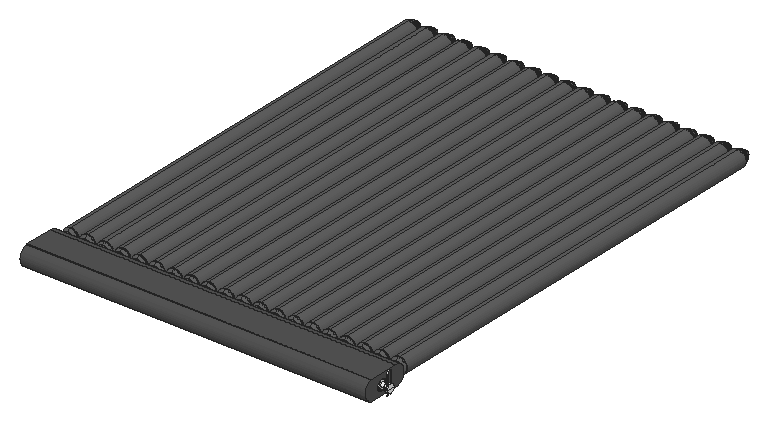
Revit family "HP200-20", category Mechanical Equipment, Revit 2012
Parameters
  Zero Loss Collector Efficiency (%) = 79.2
  Weight (Full, Excluding Mounting Frame) (kg) = 51.2
  URL = "http://www.andrewswaterheaters.co.uk/products_details.php?product=SOLARflo"
  Second Order Heat Loss Coefficient (a2) (W/m2K) = 0.0088
  Model = "HP200-20"
  Minimum Collector Inclination = 20.00°
  Manufacturer = "Andrews Water Heaters"
  Gross Area (m2) = 2.84 m²
  First Order Heat Loss Coefficient (a1) (W/m2K) = 1.25
  Description = "Dry pocket heat pipe evacuate tube solar collector"
  Absorber Area (m2) = 2.01 m²
Reference planes
  plane 1 "Center (Front/Back)": y = 0
  plane 2: z = 0
  plane 3 "Center (Left/Right)": x = 0
Forms (mm)
  Extrusion 1, solid, material "HP200  20 Tubes - Body"
    sketch origin (0, 0, 0) x (0, 1, 0) y (0, 0, 1)
      loop
        line (-46.95, 40.556) -> (-46.95, 39.599)
        arc (-46.95, 39.599) -> (-81.44, -2.723) -> (-41.55, -40) r 39.982
        line (-41.55, -40) -> (75.518, -39.998)
        arc (75.518, -39.998) -> (94.226, -35.351) -> (108.585, -22.491) r 39.982
        line (108.585, -22.491) -> (108.585, 22.458)
        arc (108.585, 22.458) -> (106.812, 24.868) -> (104.864, 27.138) r 39.982
        line (104.864, 27.138) -> (104.864, 28.014)
        arc (104.864, 28.014) -> (91.882, 37.12) -> (76.403, 40.555) r 40.582
        line (76.403, 40.555) -> (-46.95, 40.556)
    from -707.5 to 707.5
  Revolve 2, solid, material "HP200  20 Tubes - Tube"
    sketch origin (35.45, 0, 0) x (0, 1, 0) y (0, 0, 1)
      loop
        line (115.683, 20.5) -> (108.639, 20.5) -> (108.639, 0) -> (1908.944, 0) -> (1908.944, 10.763)
        arc (1908.944, 10.763) -> (1908.592, 12.252) -> (1907.554, 13.376) r 3.011
        arc (1907.554, 13.376) -> (1906.942, 13.819) -> (1906.264, 14.152) r 4.442
        arc (1906.264, 14.152) -> (1899.161, 17.289) -> (1892.37, 21.054) r 86.02
        arc (1892.37, 21.054) -> (1891.184, 22.319) -> (1890.918, 24.033) r 2.938
        arc (1890.918, 24.033) -> (1888.14, 25.194) -> (1885.607, 23.569) r 3.24
        arc (1885.607, 23.569) -> (1884.8, 24.633) -> (1883.736, 25.439) r 4.886
        line (1883.736, 25.439) -> (1872.394, 31.803)
        arc (1872.394, 31.803) -> (1871.229, 32.322) -> (1869.966, 32.5) r 4.583
        line (1869.966, 32.5) -> (135.402, 32.5)
        arc (135.402, 32.5) -> (133.792, 32.279) -> (132.288, 31.665) r 6.498
        line (132.288, 31.665) -> (118.926, 24.147)
        arc (118.926, 24.147) -> (117.088, 22.516) -> (115.683, 20.5) r 10.445
      axis (108.639, 0) -> (1908.944, 0)
    angle from 0 to 360
  Extrusion 3, void
    sketch origin (35.45, 0, 0) x (1, 0, 0) y (0, 0, 1)
      loop
        arc (20.825, 13.977) -> (15.02, 0) -> (20.825, -13.977) r 19.727
        line (20.825, -13.977) -> (20.825, 13.977)
      loop
        line (-20.825, 13.977) -> (-20.825, -13.977)
        arc (-20.825, -13.977) -> (-15.02, 0) -> (-20.825, 13.977) r 19.727
      loop
        arc (-13.977, 20.825) -> (0, 15.02) -> (13.977, 20.825) r 19.727
        line (13.977, 20.825) -> (-13.977, 20.825)
      loop
        line (-13.977, -20.825) -> (13.977, -20.825)
        arc (13.977, -20.825) -> (0, -15.02) -> (-13.977, -20.825) r 19.727
    from -1906.632 to -1892.864
  Revolve 4, solid, material "HP200  20 Tubes - Steel"
    sketch origin (0, 16, 0) x (1, 0, 0) y (0, 1, 0)
      loop
        arc (707.5, -37) -> (709.621, -36.121) -> (710.5, -34) r 3
        line (710.5, -34) -> (710.5, -27.787) -> (728.417, -27.787) -> (732.5, -30.864) -> (746.5, -30.864) -> (746.5, -16) -> (707.5, -16) -> (707.5, -37)
      axis (707.5, -16) -> (746.5, -16)
    angle from 0 to 360
  Sweep 5, solid, material "HP200  20 Tubes - Steel"
    path origin (740, 0, 0) x (0, 1, 0) y (0, 0, 1)
      loop
        line (-9.363, -24.998) -> (-7.872, -21.537)
        arc (-7.872, -21.537) -> (-7.587, -20.278) -> (-7.771, -19) r 3.54
        line (-7.771, -19) -> (-12.67, -4.557)
        arc (-12.67, -4.557) -> (-13.121, 2.718) -> (-9.833, 9.223) r 13.914
        arc (-9.833, 9.223) -> (-9.209, 10.241) -> (-8.991, 11.416) r 3.278
        line (-8.991, 11.416) -> (-8.991, 16.208)
        arc (-8.991, 16.208) -> (-8.908, 16.841) -> (-8.565, 17.379) r 1.474
        line (-8.565, 17.379) -> (-7.999, 17.944)
        arc (-7.999, 17.944) -> (-7.575, 18.97) -> (-7.999, 19.995) r 1.45
        line (-7.999, 19.995) -> (-8.563, 20.559)
        arc (-8.563, 20.559) -> (-8.88, 21.047) -> (-8.991, 21.619) r 1.527
        line (-8.991, 21.619) -> (-8.991, 56.985)
        arc (-8.991, 56.985) -> (0, 65.976) -> (8.991, 56.985) r 8.991
        line (8.991, 56.985) -> (8.991, 21.619)
        arc (8.991, 21.619) -> (8.88, 21.047) -> (8.563, 20.559) r 1.527
        line (8.563, 20.559) -> (7.999, 19.995)
        arc (7.999, 19.995) -> (7.575, 18.97) -> (7.999, 17.944) r 1.45
        line (7.999, 17.944) -> (8.565, 17.379)
        arc (8.565, 17.379) -> (8.908, 16.841) -> (8.991, 16.208) r 1.474
        line (8.991, 16.208) -> (8.991, 11.416)
        arc (8.991, 11.416) -> (9.209, 10.241) -> (9.833, 9.223) r 3.278
        arc (9.833, 9.223) -> (13.121, 2.718) -> (12.67, -4.557) r 13.914
        line (12.67, -4.557) -> (7.771, -19)
        arc (7.771, -19) -> (7.587, -20.278) -> (7.872, -21.537) r 3.54
        line (7.872, -21.537) -> (9.363, -24.998)
    profile origin (740, 8.991, 39.302) x (1, 0, 0) y (0, 1, 0)
      loop
        circle (0, 0) r 1
  Extrusion 6, void
    sketch origin (0, 0, 0) x (1, 0, 0) y (0, 1, 0)
      loop
        line (739, 7.991) -> (741, 7.991) -> (741, 16.792) -> (739, 16.792) -> (739, 7.991)
      loop
        line (739, -7.991) -> (739, -16.792) -> (741, -16.792) -> (741, -7.991) -> (739, -7.991)
    from -14.189 to 14.28
  Extrusion 7, solid, material "HP200  20 Tubes - Body"
    sketch origin (1.5, 0, 0) x (0, 1, 0) y (0, 0, -1)
      loop
        circle (75.7, 0) r 17.5
    from 707.5 to 709.322
  Revolve 8, solid, material "HP200  20 Tubes - Steel"
    sketch origin (0, 16, 0) x (-1, 0, 0) y (0, -1, 0)
      loop
        line (707.5, 37) -> (707.5, 16) -> (710.5, 16) -> (710.5, 34)
        arc (710.5, 34) -> (709.621, 36.121) -> (707.5, 37) r 3
      axis (707.5, 16) -> (710.5, 16)
    angle from 0 to 360
  Revolve 9, solid, material "HP200  20 Tubes - Tube"
    sketch origin (-35.45, 0, 0) x (0, 1, 0) y (0, 0, 1)
      loop
        line (115.683, 20.5) -> (108.639, 20.5) -> (108.639, 0) -> (1908.944, 0) -> (1908.944, 10.763)
        arc (1908.944, 10.763) -> (1908.592, 12.252) -> (1907.554, 13.376) r 3.011
        arc (1907.554, 13.376) -> (1906.942, 13.819) -> (1906.264, 14.152) r 4.442
        arc (1906.264, 14.152) -> (1899.161, 17.289) -> (1892.37, 21.054) r 86.02
        arc (1892.37, 21.054) -> (1891.184, 22.319) -> (1890.918, 24.033) r 2.938
        arc (1890.918, 24.033) -> (1888.14, 25.194) -> (1885.607, 23.569) r 3.24
        arc (1885.607, 23.569) -> (1884.8, 24.633) -> (1883.736, 25.439) r 4.886
        line (1883.736, 25.439) -> (1872.394, 31.803)
        arc (1872.394, 31.803) -> (1871.229, 32.322) -> (1869.966, 32.5) r 4.583
        line (1869.966, 32.5) -> (135.402, 32.5)
        arc (135.402, 32.5) -> (133.792, 32.279) -> (132.288, 31.665) r 6.498
        line (132.288, 31.665) -> (118.926, 24.147)
        arc (118.926, 24.147) -> (117.088, 22.516) -> (115.683, 20.5) r 10.445
      axis (108.639, 0) -> (1908.944, 0)
    angle from 0 to 360
  Extrusion 10, void
    sketch origin (-35.45, 0, 0) x (1, 0, 0) y (0, 0, 1)
      loop
        arc (20.825, 13.977) -> (15.02, 0) -> (20.825, -13.977) r 19.727
        line (20.825, -13.977) -> (20.825, 13.977)
      loop
        line (-20.825, 13.977) -> (-20.825, -13.977)
        arc (-20.825, -13.977) -> (-15.02, 0) -> (-20.825, 13.977) r 19.727
      loop
        arc (-13.977, 20.825) -> (0, 15.02) -> (13.977, 20.825) r 19.727
        line (13.977, 20.825) -> (-13.977, 20.825)
      loop
        line (-13.977, -20.825) -> (13.977, -20.825)
        arc (13.977, -20.825) -> (0, -15.02) -> (-13.977, -20.825) r 19.727
    from -1906.632 to -1892.864
  Revolve 11, solid, material "HP200  20 Tubes - Tube"
    sketch origin (-106.35, 0, 0) x (0, 1, 0) y (0, 0, 1)
      loop
        line (115.683, 20.5) -> (108.639, 20.5) -> (108.639, 0) -> (1908.944, 0) -> (1908.944, 10.763)
        arc (1908.944, 10.763) -> (1908.592, 12.252) -> (1907.554, 13.376) r 3.011
        arc (1907.554, 13.376) -> (1906.942, 13.819) -> (1906.264, 14.152) r 4.442
        arc (1906.264, 14.152) -> (1899.161, 17.289) -> (1892.37, 21.054) r 86.02
        arc (1892.37, 21.054) -> (1891.184, 22.319) -> (1890.918, 24.033) r 2.938
        arc (1890.918, 24.033) -> (1888.14, 25.194) -> (1885.607, 23.569) r 3.24
        arc (1885.607, 23.569) -> (1884.8, 24.633) -> (1883.736, 25.439) r 4.886
        line (1883.736, 25.439) -> (1872.394, 31.803)
        arc (1872.394, 31.803) -> (1871.229, 32.322) -> (1869.966, 32.5) r 4.583
        line (1869.966, 32.5) -> (135.402, 32.5)
        arc (135.402, 32.5) -> (133.792, 32.279) -> (132.288, 31.665) r 6.498
        line (132.288, 31.665) -> (118.926, 24.147)
        arc (118.926, 24.147) -> (117.088, 22.516) -> (115.683, 20.5) r 10.445
      axis (108.639, 0) -> (1908.944, 0)
    angle from 0 to 360
  Extrusion 12, void
    sketch origin (-106.35, 0, 0) x (1, 0, 0) y (0, 0, 1)
      loop
        arc (20.825, 13.977) -> (15.02, 0) -> (20.825, -13.977) r 19.727
        line (20.825, -13.977) -> (20.825, 13.977)
      loop
        line (-20.825, 13.977) -> (-20.825, -13.977)
        arc (-20.825, -13.977) -> (-15.02, 0) -> (-20.825, 13.977) r 19.727
      loop
        arc (-13.977, 20.825) -> (0, 15.02) -> (13.977, 20.825) r 19.727
        line (13.977, 20.825) -> (-13.977, 20.825)
      loop
        line (-13.977, -20.825) -> (13.977, -20.825)
        arc (13.977, -20.825) -> (0, -15.02) -> (-13.977, -20.825) r 19.727
    from -1906.632 to -1892.864
  Revolve 13, solid, material "HP200  20 Tubes - Tube"
    sketch origin (-177.25, 0, 0) x (0, 1, 0) y (0, 0, 1)
      loop
        line (115.683, 20.5) -> (108.639, 20.5) -> (108.639, 0) -> (1908.944, 0) -> (1908.944, 10.763)
        arc (1908.944, 10.763) -> (1908.592, 12.252) -> (1907.554, 13.376) r 3.011
        arc (1907.554, 13.376) -> (1906.942, 13.819) -> (1906.264, 14.152) r 4.442
        arc (1906.264, 14.152) -> (1899.161, 17.289) -> (1892.37, 21.054) r 86.02
        arc (1892.37, 21.054) -> (1891.184, 22.319) -> (1890.918, 24.033) r 2.938
        arc (1890.918, 24.033) -> (1888.14, 25.194) -> (1885.607, 23.569) r 3.24
        arc (1885.607, 23.569) -> (1884.8, 24.633) -> (1883.736, 25.439) r 4.886
        line (1883.736, 25.439) -> (1872.394, 31.803)
        arc (1872.394, 31.803) -> (1871.229, 32.322) -> (1869.966, 32.5) r 4.583
        line (1869.966, 32.5) -> (135.402, 32.5)
        arc (135.402, 32.5) -> (133.792, 32.279) -> (132.288, 31.665) r 6.498
        line (132.288, 31.665) -> (118.926, 24.147)
        arc (118.926, 24.147) -> (117.088, 22.516) -> (115.683, 20.5) r 10.445
      axis (108.639, 0) -> (1908.944, 0)
    angle from 0 to 360
  Extrusion 14, void
    sketch origin (-177.25, 0, 0) x (1, 0, 0) y (0, 0, 1)
      loop
        arc (20.825, 13.977) -> (15.02, 0) -> (20.825, -13.977) r 19.727
        line (20.825, -13.977) -> (20.825, 13.977)
      loop
        line (-20.825, 13.977) -> (-20.825, -13.977)
        arc (-20.825, -13.977) -> (-15.02, 0) -> (-20.825, 13.977) r 19.727
      loop
        arc (-13.977, 20.825) -> (0, 15.02) -> (13.977, 20.825) r 19.727
        line (13.977, 20.825) -> (-13.977, 20.825)
      loop
        line (-13.977, -20.825) -> (13.977, -20.825)
        arc (13.977, -20.825) -> (0, -15.02) -> (-13.977, -20.825) r 19.727
    from -1906.632 to -1892.864
  Revolve 15, solid, material "HP200  20 Tubes - Tube"
    sketch origin (-248.15, 0, 0) x (0, 1, 0) y (0, 0, 1)
      loop
        line (115.683, 20.5) -> (108.639, 20.5) -> (108.639, 0) -> (1908.944, 0) -> (1908.944, 10.763)
        arc (1908.944, 10.763) -> (1908.592, 12.252) -> (1907.554, 13.376) r 3.011
        arc (1907.554, 13.376) -> (1906.942, 13.819) -> (1906.264, 14.152) r 4.442
        arc (1906.264, 14.152) -> (1899.161, 17.289) -> (1892.37, 21.054) r 86.02
        arc (1892.37, 21.054) -> (1891.184, 22.319) -> (1890.918, 24.033) r 2.938
        arc (1890.918, 24.033) -> (1888.14, 25.194) -> (1885.607, 23.569) r 3.24
        arc (1885.607, 23.569) -> (1884.8, 24.633) -> (1883.736, 25.439) r 4.886
        line (1883.736, 25.439) -> (1872.394, 31.803)
        arc (1872.394, 31.803) -> (1871.229, 32.322) -> (1869.966, 32.5) r 4.583
        line (1869.966, 32.5) -> (135.402, 32.5)
        arc (135.402, 32.5) -> (133.792, 32.279) -> (132.288, 31.665) r 6.498
        line (132.288, 31.665) -> (118.926, 24.147)
        arc (118.926, 24.147) -> (117.088, 22.516) -> (115.683, 20.5) r 10.445
      axis (108.639, 0) -> (1908.944, 0)
    angle from 0 to 360
  Extrusion 16, void
    sketch origin (-248.15, 0, 0) x (1, 0, 0) y (0, 0, 1)
      loop
        arc (20.825, 13.977) -> (15.02, 0) -> (20.825, -13.977) r 19.727
        line (20.825, -13.977) -> (20.825, 13.977)
      loop
        line (-20.825, 13.977) -> (-20.825, -13.977)
        arc (-20.825, -13.977) -> (-15.02, 0) -> (-20.825, 13.977) r 19.727
      loop
        arc (-13.977, 20.825) -> (0, 15.02) -> (13.977, 20.825) r 19.727
        line (13.977, 20.825) -> (-13.977, 20.825)
      loop
        line (-13.977, -20.825) -> (13.977, -20.825)
        arc (13.977, -20.825) -> (0, -15.02) -> (-13.977, -20.825) r 19.727
    from -1906.632 to -1892.864
  Revolve 17, solid, material "HP200  20 Tubes - Tube"
    sketch origin (-319.05, 0, 0) x (0, 1, 0) y (0, 0, 1)
      loop
        line (115.683, 20.5) -> (108.639, 20.5) -> (108.639, 0) -> (1908.944, 0) -> (1908.944, 10.763)
        arc (1908.944, 10.763) -> (1908.592, 12.252) -> (1907.554, 13.376) r 3.011
        arc (1907.554, 13.376) -> (1906.942, 13.819) -> (1906.264, 14.152) r 4.442
        arc (1906.264, 14.152) -> (1899.161, 17.289) -> (1892.37, 21.054) r 86.02
        arc (1892.37, 21.054) -> (1891.184, 22.319) -> (1890.918, 24.033) r 2.938
        arc (1890.918, 24.033) -> (1888.14, 25.194) -> (1885.607, 23.569) r 3.24
        arc (1885.607, 23.569) -> (1884.8, 24.633) -> (1883.736, 25.439) r 4.886
        line (1883.736, 25.439) -> (1872.394, 31.803)
        arc (1872.394, 31.803) -> (1871.229, 32.322) -> (1869.966, 32.5) r 4.583
        line (1869.966, 32.5) -> (135.402, 32.5)
        arc (135.402, 32.5) -> (133.792, 32.279) -> (132.288, 31.665) r 6.498
        line (132.288, 31.665) -> (118.926, 24.147)
        arc (118.926, 24.147) -> (117.088, 22.516) -> (115.683, 20.5) r 10.445
      axis (108.639, 0) -> (1908.944, 0)
    angle from 0 to 360
  Extrusion 18, void
    sketch origin (-319.05, 0, 0) x (1, 0, 0) y (0, 0, 1)
      loop
        arc (20.825, 13.977) -> (15.02, 0) -> (20.825, -13.977) r 19.727
        line (20.825, -13.977) -> (20.825, 13.977)
      loop
        line (-20.825, 13.977) -> (-20.825, -13.977)
        arc (-20.825, -13.977) -> (-15.02, 0) -> (-20.825, 13.977) r 19.727
      loop
        arc (-13.977, 20.825) -> (0, 15.02) -> (13.977, 20.825) r 19.727
        line (13.977, 20.825) -> (-13.977, 20.825)
      loop
        line (-13.977, -20.825) -> (13.977, -20.825)
        arc (13.977, -20.825) -> (0, -15.02) -> (-13.977, -20.825) r 19.727
    from -1906.632 to -1892.864
  Revolve 19, solid, material "HP200  20 Tubes - Tube"
    sketch origin (-389.95, 0, 0) x (0, 1, 0) y (0, 0, 1)
      loop
        line (115.683, 20.5) -> (108.639, 20.5) -> (108.639, 0) -> (1908.944, 0) -> (1908.944, 10.763)
        arc (1908.944, 10.763) -> (1908.592, 12.252) -> (1907.554, 13.376) r 3.011
        arc (1907.554, 13.376) -> (1906.942, 13.819) -> (1906.264, 14.152) r 4.442
        arc (1906.264, 14.152) -> (1899.161, 17.289) -> (1892.37, 21.054) r 86.02
        arc (1892.37, 21.054) -> (1891.184, 22.319) -> (1890.918, 24.033) r 2.938
        arc (1890.918, 24.033) -> (1888.14, 25.194) -> (1885.607, 23.569) r 3.24
        arc (1885.607, 23.569) -> (1884.8, 24.633) -> (1883.736, 25.439) r 4.886
        line (1883.736, 25.439) -> (1872.394, 31.803)
        arc (1872.394, 31.803) -> (1871.229, 32.322) -> (1869.966, 32.5) r 4.583
        line (1869.966, 32.5) -> (135.402, 32.5)
        arc (135.402, 32.5) -> (133.792, 32.279) -> (132.288, 31.665) r 6.498
        line (132.288, 31.665) -> (118.926, 24.147)
        arc (118.926, 24.147) -> (117.088, 22.516) -> (115.683, 20.5) r 10.445
      axis (108.639, 0) -> (1908.944, 0)
    angle from 0 to 360
  Extrusion 20, void
    sketch origin (-389.95, 0, 0) x (1, 0, 0) y (0, 0, 1)
      loop
        arc (20.825, 13.977) -> (15.02, 0) -> (20.825, -13.977) r 19.727
        line (20.825, -13.977) -> (20.825, 13.977)
      loop
        line (-20.825, 13.977) -> (-20.825, -13.977)
        arc (-20.825, -13.977) -> (-15.02, 0) -> (-20.825, 13.977) r 19.727
      loop
        arc (-13.977, 20.825) -> (0, 15.02) -> (13.977, 20.825) r 19.727
        line (13.977, 20.825) -> (-13.977, 20.825)
      loop
        line (-13.977, -20.825) -> (13.977, -20.825)
        arc (13.977, -20.825) -> (0, -15.02) -> (-13.977, -20.825) r 19.727
    from -1906.632 to -1892.864
  Revolve 21, solid, material "HP200  20 Tubes - Tube"
    sketch origin (-460.85, 0, 0) x (0, 1, 0) y (0, 0, 1)
      loop
        line (115.683, 20.5) -> (108.639, 20.5) -> (108.639, 0) -> (1908.944, 0) -> (1908.944, 10.763)
        arc (1908.944, 10.763) -> (1908.592, 12.252) -> (1907.554, 13.376) r 3.011
        arc (1907.554, 13.376) -> (1906.942, 13.819) -> (1906.264, 14.152) r 4.442
        arc (1906.264, 14.152) -> (1899.161, 17.289) -> (1892.37, 21.054) r 86.02
        arc (1892.37, 21.054) -> (1891.184, 22.319) -> (1890.918, 24.033) r 2.938
        arc (1890.918, 24.033) -> (1888.14, 25.194) -> (1885.607, 23.569) r 3.24
        arc (1885.607, 23.569) -> (1884.8, 24.633) -> (1883.736, 25.439) r 4.886
        line (1883.736, 25.439) -> (1872.394, 31.803)
        arc (1872.394, 31.803) -> (1871.229, 32.322) -> (1869.966, 32.5) r 4.583
        line (1869.966, 32.5) -> (135.402, 32.5)
        arc (135.402, 32.5) -> (133.792, 32.279) -> (132.288, 31.665) r 6.498
        line (132.288, 31.665) -> (118.926, 24.147)
        arc (118.926, 24.147) -> (117.088, 22.516) -> (115.683, 20.5) r 10.445
      axis (108.639, 0) -> (1908.944, 0)
    angle from 0 to 360
  Extrusion 22, void
    sketch origin (-460.85, 0, 0) x (1, 0, 0) y (0, 0, 1)
      loop
        arc (20.825, 13.977) -> (15.02, 0) -> (20.825, -13.977) r 19.727
        line (20.825, -13.977) -> (20.825, 13.977)
      loop
        line (-20.825, 13.977) -> (-20.825, -13.977)
        arc (-20.825, -13.977) -> (-15.02, 0) -> (-20.825, 13.977) r 19.727
      loop
        arc (-13.977, 20.825) -> (0, 15.02) -> (13.977, 20.825) r 19.727
        line (13.977, 20.825) -> (-13.977, 20.825)
      loop
        line (-13.977, -20.825) -> (13.977, -20.825)
        arc (13.977, -20.825) -> (0, -15.02) -> (-13.977, -20.825) r 19.727
    from -1906.632 to -1892.864
  Revolve 23, solid, material "HP200  20 Tubes - Tube"
    sketch origin (-531.75, 0, 0) x (0, 1, 0) y (0, 0, 1)
      loop
        line (115.683, 20.5) -> (108.639, 20.5) -> (108.639, 0) -> (1908.944, 0) -> (1908.944, 10.763)
        arc (1908.944, 10.763) -> (1908.592, 12.252) -> (1907.554, 13.376) r 3.011
        arc (1907.554, 13.376) -> (1906.942, 13.819) -> (1906.264, 14.152) r 4.442
        arc (1906.264, 14.152) -> (1899.161, 17.289) -> (1892.37, 21.054) r 86.02
        arc (1892.37, 21.054) -> (1891.184, 22.319) -> (1890.918, 24.033) r 2.938
        arc (1890.918, 24.033) -> (1888.14, 25.194) -> (1885.607, 23.569) r 3.24
        arc (1885.607, 23.569) -> (1884.8, 24.633) -> (1883.736, 25.439) r 4.886
        line (1883.736, 25.439) -> (1872.394, 31.803)
        arc (1872.394, 31.803) -> (1871.229, 32.322) -> (1869.966, 32.5) r 4.583
        line (1869.966, 32.5) -> (135.402, 32.5)
        arc (135.402, 32.5) -> (133.792, 32.279) -> (132.288, 31.665) r 6.498
        line (132.288, 31.665) -> (118.926, 24.147)
        arc (118.926, 24.147) -> (117.088, 22.516) -> (115.683, 20.5) r 10.445
      axis (108.639, 0) -> (1908.944, 0)
    angle from 0 to 360
  Extrusion 24, void
    sketch origin (-531.75, 0, 0) x (1, 0, 0) y (0, 0, 1)
      loop
        arc (20.825, 13.977) -> (15.02, 0) -> (20.825, -13.977) r 19.727
        line (20.825, -13.977) -> (20.825, 13.977)
      loop
        line (-20.825, 13.977) -> (-20.825, -13.977)
        arc (-20.825, -13.977) -> (-15.02, 0) -> (-20.825, 13.977) r 19.727
      loop
        arc (-13.977, 20.825) -> (0, 15.02) -> (13.977, 20.825) r 19.727
        line (13.977, 20.825) -> (-13.977, 20.825)
      loop
        line (-13.977, -20.825) -> (13.977, -20.825)
        arc (13.977, -20.825) -> (0, -15.02) -> (-13.977, -20.825) r 19.727
    from -1906.632 to -1892.864
  Revolve 25, solid, material "HP200  20 Tubes - Tube"
    sketch origin (-602.65, 0, 0) x (0, 1, 0) y (0, 0, 1)
      loop
        line (115.683, 20.5) -> (108.639, 20.5) -> (108.639, 0) -> (1908.944, 0) -> (1908.944, 10.763)
        arc (1908.944, 10.763) -> (1908.592, 12.252) -> (1907.554, 13.376) r 3.011
        arc (1907.554, 13.376) -> (1906.942, 13.819) -> (1906.264, 14.152) r 4.442
        arc (1906.264, 14.152) -> (1899.161, 17.289) -> (1892.37, 21.054) r 86.02
        arc (1892.37, 21.054) -> (1891.184, 22.319) -> (1890.918, 24.033) r 2.938
        arc (1890.918, 24.033) -> (1888.14, 25.194) -> (1885.607, 23.569) r 3.24
        arc (1885.607, 23.569) -> (1884.8, 24.633) -> (1883.736, 25.439) r 4.886
        line (1883.736, 25.439) -> (1872.394, 31.803)
        arc (1872.394, 31.803) -> (1871.229, 32.322) -> (1869.966, 32.5) r 4.583
        line (1869.966, 32.5) -> (135.402, 32.5)
        arc (135.402, 32.5) -> (133.792, 32.279) -> (132.288, 31.665) r 6.498
        line (132.288, 31.665) -> (118.926, 24.147)
        arc (118.926, 24.147) -> (117.088, 22.516) -> (115.683, 20.5) r 10.445
      axis (108.639, 0) -> (1908.944, 0)
    angle from 0 to 360
  Extrusion 26, void
    sketch origin (-602.65, 0, 0) x (1, 0, 0) y (0, 0, 1)
      loop
        arc (20.825, 13.977) -> (15.02, 0) -> (20.825, -13.977) r 19.727
        line (20.825, -13.977) -> (20.825, 13.977)
      loop
        line (-20.825, 13.977) -> (-20.825, -13.977)
        arc (-20.825, -13.977) -> (-15.02, 0) -> (-20.825, 13.977) r 19.727
      loop
        arc (-13.977, 20.825) -> (0, 15.02) -> (13.977, 20.825) r 19.727
        line (13.977, 20.825) -> (-13.977, 20.825)
      loop
        line (-13.977, -20.825) -> (13.977, -20.825)
        arc (13.977, -20.825) -> (0, -15.02) -> (-13.977, -20.825) r 19.727
    from -1906.632 to -1892.864
  Revolve 27, solid, material "HP200  20 Tubes - Tube"
    sketch origin (-673.55, 0, 0) x (0, 1, 0) y (0, 0, 1)
      loop
        line (115.683, 20.5) -> (108.639, 20.5) -> (108.639, 0) -> (1908.944, 0) -> (1908.944, 10.763)
        arc (1908.944, 10.763) -> (1908.592, 12.252) -> (1907.554, 13.376) r 3.011
        arc (1907.554, 13.376) -> (1906.942, 13.819) -> (1906.264, 14.152) r 4.442
        arc (1906.264, 14.152) -> (1899.161, 17.289) -> (1892.37, 21.054) r 86.02
        arc (1892.37, 21.054) -> (1891.184, 22.319) -> (1890.918, 24.033) r 2.938
        arc (1890.918, 24.033) -> (1888.14, 25.194) -> (1885.607, 23.569) r 3.24
        arc (1885.607, 23.569) -> (1884.8, 24.633) -> (1883.736, 25.439) r 4.886
        line (1883.736, 25.439) -> (1872.394, 31.803)
        arc (1872.394, 31.803) -> (1871.229, 32.322) -> (1869.966, 32.5) r 4.583
        line (1869.966, 32.5) -> (135.402, 32.5)
        arc (135.402, 32.5) -> (133.792, 32.279) -> (132.288, 31.665) r 6.498
        line (132.288, 31.665) -> (118.926, 24.147)
        arc (118.926, 24.147) -> (117.088, 22.516) -> (115.683, 20.5) r 10.445
      axis (108.639, 0) -> (1908.944, 0)
    angle from 0 to 360
  Extrusion 28, void
    sketch origin (-673.55, 0, 0) x (1, 0, 0) y (0, 0, 1)
      loop
        arc (20.825, 13.977) -> (15.02, 0) -> (20.825, -13.977) r 19.727
        line (20.825, -13.977) -> (20.825, 13.977)
      loop
        line (-20.825, 13.977) -> (-20.825, -13.977)
        arc (-20.825, -13.977) -> (-15.02, 0) -> (-20.825, 13.977) r 19.727
      loop
        arc (-13.977, 20.825) -> (0, 15.02) -> (13.977, 20.825) r 19.727
        line (13.977, 20.825) -> (-13.977, 20.825)
      loop
        line (-13.977, -20.825) -> (13.977, -20.825)
        arc (13.977, -20.825) -> (0, -15.02) -> (-13.977, -20.825) r 19.727
    from -1906.632 to -1892.864
  Revolve 29, solid, material "HP200  20 Tubes - Tube"
    sketch origin (673.55, 0, 0) x (0, 1, 0) y (0, 0, 1)
      loop
        line (115.683, 20.5) -> (108.639, 20.5) -> (108.639, 0) -> (1908.944, 0) -> (1908.944, 10.763)
        arc (1908.944, 10.763) -> (1908.592, 12.252) -> (1907.554, 13.376) r 3.011
        arc (1907.554, 13.376) -> (1906.942, 13.819) -> (1906.264, 14.152) r 4.442
        arc (1906.264, 14.152) -> (1899.161, 17.289) -> (1892.37, 21.054) r 86.02
        arc (1892.37, 21.054) -> (1891.184, 22.319) -> (1890.918, 24.033) r 2.938
        arc (1890.918, 24.033) -> (1888.14, 25.194) -> (1885.607, 23.569) r 3.24
        arc (1885.607, 23.569) -> (1884.8, 24.633) -> (1883.736, 25.439) r 4.886
        line (1883.736, 25.439) -> (1872.394, 31.803)
        arc (1872.394, 31.803) -> (1871.229, 32.322) -> (1869.966, 32.5) r 4.583
        line (1869.966, 32.5) -> (135.402, 32.5)
        arc (135.402, 32.5) -> (133.792, 32.279) -> (132.288, 31.665) r 6.498
        line (132.288, 31.665) -> (118.926, 24.147)
        arc (118.926, 24.147) -> (117.088, 22.516) -> (115.683, 20.5) r 10.445
      axis (108.639, 0) -> (1908.944, 0)
    angle from 0 to 360
  Extrusion 30, void
    sketch origin (673.55, 0, 0) x (1, 0, 0) y (0, 0, 1)
      loop
        arc (20.825, 13.977) -> (15.02, 0) -> (20.825, -13.977) r 19.727
        line (20.825, -13.977) -> (20.825, 13.977)
      loop
        line (-20.825, 13.977) -> (-20.825, -13.977)
        arc (-20.825, -13.977) -> (-15.02, 0) -> (-20.825, 13.977) r 19.727
      loop
        arc (-13.977, 20.825) -> (0, 15.02) -> (13.977, 20.825) r 19.727
        line (13.977, 20.825) -> (-13.977, 20.825)
      loop
        line (-13.977, -20.825) -> (13.977, -20.825)
        arc (13.977, -20.825) -> (0, -15.02) -> (-13.977, -20.825) r 19.727
    from -1906.632 to -1892.864
  Revolve 31, solid, material "HP200  20 Tubes - Tube"
    sketch origin (602.65, 0, 0) x (0, 1, 0) y (0, 0, 1)
      loop
        line (115.683, 20.5) -> (108.639, 20.5) -> (108.639, 0) -> (1908.944, 0) -> (1908.944, 10.763)
        arc (1908.944, 10.763) -> (1908.592, 12.252) -> (1907.554, 13.376) r 3.011
        arc (1907.554, 13.376) -> (1906.942, 13.819) -> (1906.264, 14.152) r 4.442
        arc (1906.264, 14.152) -> (1899.161, 17.289) -> (1892.37, 21.054) r 86.02
        arc (1892.37, 21.054) -> (1891.184, 22.319) -> (1890.918, 24.033) r 2.938
        arc (1890.918, 24.033) -> (1888.14, 25.194) -> (1885.607, 23.569) r 3.24
        arc (1885.607, 23.569) -> (1884.8, 24.633) -> (1883.736, 25.439) r 4.886
        line (1883.736, 25.439) -> (1872.394, 31.803)
        arc (1872.394, 31.803) -> (1871.229, 32.322) -> (1869.966, 32.5) r 4.583
        line (1869.966, 32.5) -> (135.402, 32.5)
        arc (135.402, 32.5) -> (133.792, 32.279) -> (132.288, 31.665) r 6.498
        line (132.288, 31.665) -> (118.926, 24.147)
        arc (118.926, 24.147) -> (117.088, 22.516) -> (115.683, 20.5) r 10.445
      axis (108.639, 0) -> (1908.944, 0)
    angle from 0 to 360
  Extrusion 32, void
    sketch origin (602.65, 0, 0) x (1, 0, 0) y (0, 0, 1)
      loop
        arc (20.825, 13.977) -> (15.02, 0) -> (20.825, -13.977) r 19.727
        line (20.825, -13.977) -> (20.825, 13.977)
      loop
        line (-20.825, 13.977) -> (-20.825, -13.977)
        arc (-20.825, -13.977) -> (-15.02, 0) -> (-20.825, 13.977) r 19.727
      loop
        arc (-13.977, 20.825) -> (0, 15.02) -> (13.977, 20.825) r 19.727
        line (13.977, 20.825) -> (-13.977, 20.825)
      loop
        line (-13.977, -20.825) -> (13.977, -20.825)
        arc (13.977, -20.825) -> (0, -15.02) -> (-13.977, -20.825) r 19.727
    from -1906.632 to -1892.864
  Revolve 33, solid, material "HP200  20 Tubes - Tube"
    sketch origin (531.75, 0, 0) x (0, 1, 0) y (0, 0, 1)
      loop
        line (115.683, 20.5) -> (108.639, 20.5) -> (108.639, 0) -> (1908.944, 0) -> (1908.944, 10.763)
        arc (1908.944, 10.763) -> (1908.592, 12.252) -> (1907.554, 13.376) r 3.011
        arc (1907.554, 13.376) -> (1906.942, 13.819) -> (1906.264, 14.152) r 4.442
        arc (1906.264, 14.152) -> (1899.161, 17.289) -> (1892.37, 21.054) r 86.02
        arc (1892.37, 21.054) -> (1891.184, 22.319) -> (1890.918, 24.033) r 2.938
        arc (1890.918, 24.033) -> (1888.14, 25.194) -> (1885.607, 23.569) r 3.24
        arc (1885.607, 23.569) -> (1884.8, 24.633) -> (1883.736, 25.439) r 4.886
        line (1883.736, 25.439) -> (1872.394, 31.803)
        arc (1872.394, 31.803) -> (1871.229, 32.322) -> (1869.966, 32.5) r 4.583
        line (1869.966, 32.5) -> (135.402, 32.5)
        arc (135.402, 32.5) -> (133.792, 32.279) -> (132.288, 31.665) r 6.498
        line (132.288, 31.665) -> (118.926, 24.147)
        arc (118.926, 24.147) -> (117.088, 22.516) -> (115.683, 20.5) r 10.445
      axis (108.639, 0) -> (1908.944, 0)
    angle from 0 to 360
  Extrusion 34, void
    sketch origin (531.75, 0, 0) x (1, 0, 0) y (0, 0, 1)
      loop
        arc (20.825, 13.977) -> (15.02, 0) -> (20.825, -13.977) r 19.727
        line (20.825, -13.977) -> (20.825, 13.977)
      loop
        line (-20.825, 13.977) -> (-20.825, -13.977)
        arc (-20.825, -13.977) -> (-15.02, 0) -> (-20.825, 13.977) r 19.727
      loop
        arc (-13.977, 20.825) -> (0, 15.02) -> (13.977, 20.825) r 19.727
        line (13.977, 20.825) -> (-13.977, 20.825)
      loop
        line (-13.977, -20.825) -> (13.977, -20.825)
        arc (13.977, -20.825) -> (0, -15.02) -> (-13.977, -20.825) r 19.727
    from -1906.632 to -1892.864
  Revolve 35, solid, material "HP200  20 Tubes - Tube"
    sketch origin (460.85, 0, 0) x (0, 1, 0) y (0, 0, 1)
      loop
        line (115.683, 20.5) -> (108.639, 20.5) -> (108.639, 0) -> (1908.944, 0) -> (1908.944, 10.763)
        arc (1908.944, 10.763) -> (1908.592, 12.252) -> (1907.554, 13.376) r 3.011
        arc (1907.554, 13.376) -> (1906.942, 13.819) -> (1906.264, 14.152) r 4.442
        arc (1906.264, 14.152) -> (1899.161, 17.289) -> (1892.37, 21.054) r 86.02
        arc (1892.37, 21.054) -> (1891.184, 22.319) -> (1890.918, 24.033) r 2.938
        arc (1890.918, 24.033) -> (1888.14, 25.194) -> (1885.607, 23.569) r 3.24
        arc (1885.607, 23.569) -> (1884.8, 24.633) -> (1883.736, 25.439) r 4.886
        line (1883.736, 25.439) -> (1872.394, 31.803)
        arc (1872.394, 31.803) -> (1871.229, 32.322) -> (1869.966, 32.5) r 4.583
        line (1869.966, 32.5) -> (135.402, 32.5)
        arc (135.402, 32.5) -> (133.792, 32.279) -> (132.288, 31.665) r 6.498
        line (132.288, 31.665) -> (118.926, 24.147)
        arc (118.926, 24.147) -> (117.088, 22.516) -> (115.683, 20.5) r 10.445
      axis (108.639, 0) -> (1908.944, 0)
    angle from 0 to 360
  Extrusion 36, void
    sketch origin (460.85, 0, 0) x (1, 0, 0) y (0, 0, 1)
      loop
        arc (20.825, 13.977) -> (15.02, 0) -> (20.825, -13.977) r 19.727
        line (20.825, -13.977) -> (20.825, 13.977)
      loop
        line (-20.825, 13.977) -> (-20.825, -13.977)
        arc (-20.825, -13.977) -> (-15.02, 0) -> (-20.825, 13.977) r 19.727
      loop
        arc (-13.977, 20.825) -> (0, 15.02) -> (13.977, 20.825) r 19.727
        line (13.977, 20.825) -> (-13.977, 20.825)
      loop
        line (-13.977, -20.825) -> (13.977, -20.825)
        arc (13.977, -20.825) -> (0, -15.02) -> (-13.977, -20.825) r 19.727
    from -1906.632 to -1892.864
  Revolve 37, solid, material "HP200  20 Tubes - Tube"
    sketch origin (389.95, 0, 0) x (0, 1, 0) y (0, 0, 1)
      loop
        line (115.683, 20.5) -> (108.639, 20.5) -> (108.639, 0) -> (1908.944, 0) -> (1908.944, 10.763)
        arc (1908.944, 10.763) -> (1908.592, 12.252) -> (1907.554, 13.376) r 3.011
        arc (1907.554, 13.376) -> (1906.942, 13.819) -> (1906.264, 14.152) r 4.442
        arc (1906.264, 14.152) -> (1899.161, 17.289) -> (1892.37, 21.054) r 86.02
        arc (1892.37, 21.054) -> (1891.184, 22.319) -> (1890.918, 24.033) r 2.938
        arc (1890.918, 24.033) -> (1888.14, 25.194) -> (1885.607, 23.569) r 3.24
        arc (1885.607, 23.569) -> (1884.8, 24.633) -> (1883.736, 25.439) r 4.886
        line (1883.736, 25.439) -> (1872.394, 31.803)
        arc (1872.394, 31.803) -> (1871.229, 32.322) -> (1869.966, 32.5) r 4.583
        line (1869.966, 32.5) -> (135.402, 32.5)
        arc (135.402, 32.5) -> (133.792, 32.279) -> (132.288, 31.665) r 6.498
        line (132.288, 31.665) -> (118.926, 24.147)
        arc (118.926, 24.147) -> (117.088, 22.516) -> (115.683, 20.5) r 10.445
      axis (108.639, 0) -> (1908.944, 0)
    angle from 0 to 360
  Extrusion 38, void
    sketch origin (389.95, 0, 0) x (1, 0, 0) y (0, 0, 1)
      loop
        arc (20.825, 13.977) -> (15.02, 0) -> (20.825, -13.977) r 19.727
        line (20.825, -13.977) -> (20.825, 13.977)
      loop
        line (-20.825, 13.977) -> (-20.825, -13.977)
        arc (-20.825, -13.977) -> (-15.02, 0) -> (-20.825, 13.977) r 19.727
      loop
        arc (-13.977, 20.825) -> (0, 15.02) -> (13.977, 20.825) r 19.727
        line (13.977, 20.825) -> (-13.977, 20.825)
      loop
        line (-13.977, -20.825) -> (13.977, -20.825)
        arc (13.977, -20.825) -> (0, -15.02) -> (-13.977, -20.825) r 19.727
    from -1906.632 to -1892.864
  Revolve 39, solid, material "HP200  20 Tubes - Tube"
    sketch origin (319.05, 0, 0) x (0, 1, 0) y (0, 0, 1)
      loop
        line (115.683, 20.5) -> (108.639, 20.5) -> (108.639, 0) -> (1908.944, 0) -> (1908.944, 10.763)
        arc (1908.944, 10.763) -> (1908.592, 12.252) -> (1907.554, 13.376) r 3.011
        arc (1907.554, 13.376) -> (1906.942, 13.819) -> (1906.264, 14.152) r 4.442
        arc (1906.264, 14.152) -> (1899.161, 17.289) -> (1892.37, 21.054) r 86.02
        arc (1892.37, 21.054) -> (1891.184, 22.319) -> (1890.918, 24.033) r 2.938
        arc (1890.918, 24.033) -> (1888.14, 25.194) -> (1885.607, 23.569) r 3.24
        arc (1885.607, 23.569) -> (1884.8, 24.633) -> (1883.736, 25.439) r 4.886
        line (1883.736, 25.439) -> (1872.394, 31.803)
        arc (1872.394, 31.803) -> (1871.229, 32.322) -> (1869.966, 32.5) r 4.583
        line (1869.966, 32.5) -> (135.402, 32.5)
        arc (135.402, 32.5) -> (133.792, 32.279) -> (132.288, 31.665) r 6.498
        line (132.288, 31.665) -> (118.926, 24.147)
        arc (118.926, 24.147) -> (117.088, 22.516) -> (115.683, 20.5) r 10.445
      axis (108.639, 0) -> (1908.944, 0)
    angle from 0 to 360
  Extrusion 40, void
    sketch origin (319.05, 0, 0) x (1, 0, 0) y (0, 0, 1)
      loop
        arc (20.825, 13.977) -> (15.02, 0) -> (20.825, -13.977) r 19.727
        line (20.825, -13.977) -> (20.825, 13.977)
      loop
        line (-20.825, 13.977) -> (-20.825, -13.977)
        arc (-20.825, -13.977) -> (-15.02, 0) -> (-20.825, 13.977) r 19.727
      loop
        arc (-13.977, 20.825) -> (0, 15.02) -> (13.977, 20.825) r 19.727
        line (13.977, 20.825) -> (-13.977, 20.825)
      loop
        line (-13.977, -20.825) -> (13.977, -20.825)
        arc (13.977, -20.825) -> (0, -15.02) -> (-13.977, -20.825) r 19.727
    from -1906.632 to -1892.864
  Revolve 41, solid, material "HP200  20 Tubes - Tube"
    sketch origin (248.15, 0, 0) x (0, 1, 0) y (0, 0, 1)
      loop
        line (115.683, 20.5) -> (108.639, 20.5) -> (108.639, 0) -> (1908.944, 0) -> (1908.944, 10.763)
        arc (1908.944, 10.763) -> (1908.592, 12.252) -> (1907.554, 13.376) r 3.011
        arc (1907.554, 13.376) -> (1906.942, 13.819) -> (1906.264, 14.152) r 4.442
        arc (1906.264, 14.152) -> (1899.161, 17.289) -> (1892.37, 21.054) r 86.02
        arc (1892.37, 21.054) -> (1891.184, 22.319) -> (1890.918, 24.033) r 2.938
        arc (1890.918, 24.033) -> (1888.14, 25.194) -> (1885.607, 23.569) r 3.24
        arc (1885.607, 23.569) -> (1884.8, 24.633) -> (1883.736, 25.439) r 4.886
        line (1883.736, 25.439) -> (1872.394, 31.803)
        arc (1872.394, 31.803) -> (1871.229, 32.322) -> (1869.966, 32.5) r 4.583
        line (1869.966, 32.5) -> (135.402, 32.5)
        arc (135.402, 32.5) -> (133.792, 32.279) -> (132.288, 31.665) r 6.498
        line (132.288, 31.665) -> (118.926, 24.147)
        arc (118.926, 24.147) -> (117.088, 22.516) -> (115.683, 20.5) r 10.445
      axis (108.639, 0) -> (1908.944, 0)
    angle from 0 to 360
  Extrusion 42, void
    sketch origin (248.15, 0, 0) x (1, 0, 0) y (0, 0, 1)
      loop
        arc (20.825, 13.977) -> (15.02, 0) -> (20.825, -13.977) r 19.727
        line (20.825, -13.977) -> (20.825, 13.977)
      loop
        line (-20.825, 13.977) -> (-20.825, -13.977)
        arc (-20.825, -13.977) -> (-15.02, 0) -> (-20.825, 13.977) r 19.727
      loop
        arc (-13.977, 20.825) -> (0, 15.02) -> (13.977, 20.825) r 19.727
        line (13.977, 20.825) -> (-13.977, 20.825)
      loop
        line (-13.977, -20.825) -> (13.977, -20.825)
        arc (13.977, -20.825) -> (0, -15.02) -> (-13.977, -20.825) r 19.727
    from -1906.632 to -1892.864
  Revolve 43, solid, material "HP200  20 Tubes - Tube"
    sketch origin (177.25, 0, 0) x (0, 1, 0) y (0, 0, 1)
      loop
        line (115.683, 20.5) -> (108.639, 20.5) -> (108.639, 0) -> (1908.944, 0) -> (1908.944, 10.763)
        arc (1908.944, 10.763) -> (1908.592, 12.252) -> (1907.554, 13.376) r 3.011
        arc (1907.554, 13.376) -> (1906.942, 13.819) -> (1906.264, 14.152) r 4.442
        arc (1906.264, 14.152) -> (1899.161, 17.289) -> (1892.37, 21.054) r 86.02
        arc (1892.37, 21.054) -> (1891.184, 22.319) -> (1890.918, 24.033) r 2.938
        arc (1890.918, 24.033) -> (1888.14, 25.194) -> (1885.607, 23.569) r 3.24
        arc (1885.607, 23.569) -> (1884.8, 24.633) -> (1883.736, 25.439) r 4.886
        line (1883.736, 25.439) -> (1872.394, 31.803)
        arc (1872.394, 31.803) -> (1871.229, 32.322) -> (1869.966, 32.5) r 4.583
        line (1869.966, 32.5) -> (135.402, 32.5)
        arc (135.402, 32.5) -> (133.792, 32.279) -> (132.288, 31.665) r 6.498
        line (132.288, 31.665) -> (118.926, 24.147)
        arc (118.926, 24.147) -> (117.088, 22.516) -> (115.683, 20.5) r 10.445
      axis (108.639, 0) -> (1908.944, 0)
    angle from 0 to 360
  Extrusion 44, void
    sketch origin (177.25, 0, 0) x (1, 0, 0) y (0, 0, 1)
      loop
        arc (20.825, 13.977) -> (15.02, 0) -> (20.825, -13.977) r 19.727
        line (20.825, -13.977) -> (20.825, 13.977)
      loop
        line (-20.825, 13.977) -> (-20.825, -13.977)
        arc (-20.825, -13.977) -> (-15.02, 0) -> (-20.825, 13.977) r 19.727
      loop
        arc (-13.977, 20.825) -> (0, 15.02) -> (13.977, 20.825) r 19.727
        line (13.977, 20.825) -> (-13.977, 20.825)
      loop
        line (-13.977, -20.825) -> (13.977, -20.825)
        arc (13.977, -20.825) -> (0, -15.02) -> (-13.977, -20.825) r 19.727
    from -1906.632 to -1892.864
  Revolve 45, solid, material "HP200  20 Tubes - Tube"
    sketch origin (106.35, 0, 0) x (0, 1, 0) y (0, 0, 1)
      loop
        line (115.683, 20.5) -> (108.639, 20.5) -> (108.639, 0) -> (1908.944, 0) -> (1908.944, 10.763)
        arc (1908.944, 10.763) -> (1908.592, 12.252) -> (1907.554, 13.376) r 3.011
        arc (1907.554, 13.376) -> (1906.942, 13.819) -> (1906.264, 14.152) r 4.442
        arc (1906.264, 14.152) -> (1899.161, 17.289) -> (1892.37, 21.054) r 86.02
        arc (1892.37, 21.054) -> (1891.184, 22.319) -> (1890.918, 24.033) r 2.938
        arc (1890.918, 24.033) -> (1888.14, 25.194) -> (1885.607, 23.569) r 3.24
        arc (1885.607, 23.569) -> (1884.8, 24.633) -> (1883.736, 25.439) r 4.886
        line (1883.736, 25.439) -> (1872.394, 31.803)
        arc (1872.394, 31.803) -> (1871.229, 32.322) -> (1869.966, 32.5) r 4.583
        line (1869.966, 32.5) -> (135.402, 32.5)
        arc (135.402, 32.5) -> (133.792, 32.279) -> (132.288, 31.665) r 6.498
        line (132.288, 31.665) -> (118.926, 24.147)
        arc (118.926, 24.147) -> (117.088, 22.516) -> (115.683, 20.5) r 10.445
      axis (108.639, 0) -> (1908.944, 0)
    angle from 0 to 360
  Extrusion 46, void
    sketch origin (106.35, 0, 0) x (1, 0, 0) y (0, 0, 1)
      loop
        arc (20.825, 13.977) -> (15.02, 0) -> (20.825, -13.977) r 19.727
        line (20.825, -13.977) -> (20.825, 13.977)
      loop
        line (-20.825, 13.977) -> (-20.825, -13.977)
        arc (-20.825, -13.977) -> (-15.02, 0) -> (-20.825, 13.977) r 19.727
      loop
        arc (-13.977, 20.825) -> (0, 15.02) -> (13.977, 20.825) r 19.727
        line (13.977, 20.825) -> (-13.977, 20.825)
      loop
        line (-13.977, -20.825) -> (13.977, -20.825)
        arc (13.977, -20.825) -> (0, -15.02) -> (-13.977, -20.825) r 19.727
    from -1906.632 to -1892.864
Cuts and joins
  Extrusion 3 cuts Revolve 2
  Extrusion 6 cuts Revolve 4
  Extrusion 6 cuts Sweep 5
  Extrusion 10 cuts Revolve 9
  Extrusion 12 cuts Revolve 11
  Extrusion 14 cuts Revolve 13
  Extrusion 16 cuts Revolve 15
  Extrusion 18 cuts Revolve 17
  Extrusion 20 cuts Revolve 19
  Extrusion 22 cuts Revolve 21
  Extrusion 24 cuts Revolve 23
  Extrusion 26 cuts Revolve 25
  Extrusion 28 cuts Revolve 27
  Extrusion 30 cuts Revolve 29
  Extrusion 32 cuts Revolve 31
  Extrusion 34 cuts Revolve 33
  Extrusion 36 cuts Revolve 35
  Extrusion 38 cuts Revolve 37
  Extrusion 40 cuts Revolve 39
  Extrusion 42 cuts Revolve 41
  Extrusion 44 cuts Revolve 43
  Extrusion 46 cuts Revolve 45
Dimensions and locks
  aligned and locked: level to plane 2
Connectors
  piping at (-710.5, 0, 0)
    settings: on Revolve 8, index 3, connector radius 10 mm, flow factor 0, pipe flow 0.0 L/s, pressure drop 0.0 Pa, fitting loss kfactor 0, connector angle 0.00°, fixture units 0, engagement length 0 mm, flow configuration 0, flow direction 0, fitting loss method 0, system type 29, joint type 0, gender type 0, connector reference index -1, connector utility 0, adjustable connector no, is connector primary yes, fitting loss table "", connector description ""
